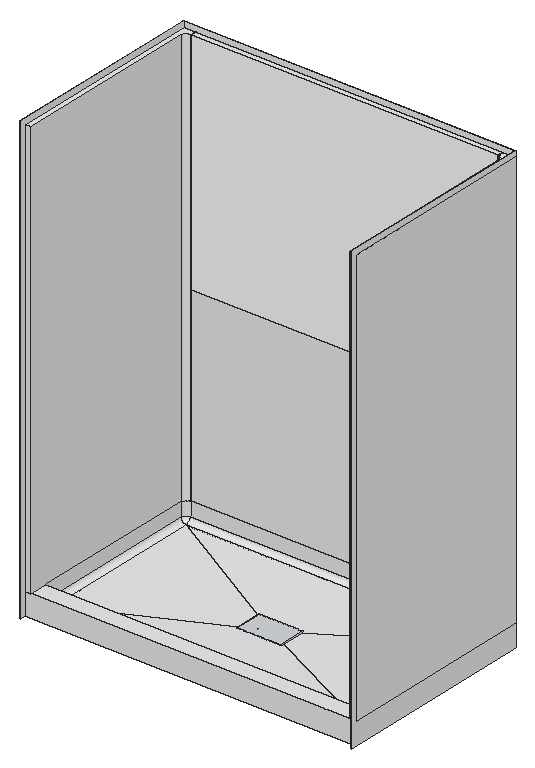
Revit family "5LRS6036FBSQ.V2", category Plumbing Fixtures, Revit 2019
Family settings
  Round Connector Dimension = Use Diameter
  Part Type = Normal
  OmniClass Number = 23.45.05.14.17
  OmniClass Title = Showers
  Work Plane-Based = No
  Always vertical = Yes
  Cut with Voids When Loaded = No
  Shared = No
  Room Calculation Point = No
Parameters (values of type "5LRS6030FBSQ.V2")
  Unit Width = 60"
  Unit Height = 80 1/2"
  Unit Depth = 37"
  URL = "http://www.bestbath.com/"
  Type Comments = "Remodeler"
  Model = "5LRS6030FBSQ.V2"
  Material [instance] = Best Bath Gelcoat Fiberglass - Smooth
  Manufacturer = "Best Bath Systems, Inc."
  Keynote = "22 40 00.B3"
  Description = "Real Tile Finish"
  Assembly Code = "D2010710"
Reference planes (in)
  plane 1 "Back": y = -0.5
  plane 2: z = 0
  plane 3 "Left": x = 0
  plane 4: x = 60
  plane 5: z = 4
  plane 6: x = 30
  plane 7: y = 35.5
  plane 8: y = 17.5
  plane 9: x = 1.25
  plane 10: x = 58.75
  plane 11: y = 34.25
  plane 12: z = 0.625
  plane 13: z = 0.25
  plane 14: y = -1.5
  plane 15: z = 5
  plane 16: z = 38.25
  plane 17: z = 80.5
Forms (in)
  Extrusion 1, solid, material "Best Bath Gelcoat Fiberglass - Smooth"
    sketch origin (0, 0, 0) x (1, 0, 0) y (0, 1, 0)
      loop
        line (0, -0.5) -> (1.25, -0.5) -> (1.25, 33.25)
        arc (1.25, 33.25) -> (1.54289, 33.95711) -> (2.25, 34.25) r 1
        line (2.25, 34.25) -> (57.75, 34.25)
        arc (57.75, 34.25) -> (58.45711, 33.95711) -> (58.75, 33.25) r 1
        line (58.75, 33.25) -> (58.75, -0.5) -> (60, -0.5) -> (60, 35.5) -> (0, 35.5) -> (0, -0.5)
    from 0 to 4
  Extrusion 2, solid, material "Best Bath Gelcoat Fiberglass - Smooth"
    sketch origin (0, 0, 0) x (1, 0, 0) y (0, 1, 0)
      loop
        line (0, -0.5) -> (60, -0.5) -> (60, 35.5) -> (0, 35.5) -> (0, -0.5)
    from 0 to 0.625
  Sweep 3, solid, material "Best Bath Gelcoat Fiberglass - Smooth"
    path origin (0, 0, 0) x (1, 0, 0) y (0, 1, 0)
      loop
        line (58.75, -0.5) -> (58.75, 33.25)
        arc (58.75, 33.25) -> (58.45711, 33.95711) -> (57.75, 34.25) r 1
        line (57.75, 34.25) -> (2.25, 34.25)
        arc (2.25, 34.25) -> (1.54289, 33.95711) -> (1.25, 33.25) r 1
        line (1.25, 33.25) -> (1.25, -0.5)
    profile origin (1.25, 16.375, 0) x (1, 0, 0) y (0, 0, 1)
      loop
        line (0, 0.625) -> (0.9, 0.625)
        arc (0.9, 0.625) -> (0.2636, 0.8886) -> (0, 1.525) r 0.9
        line (0, 1.525) -> (0, 0.625)
  Blend 4, void
    base sketch origin (0, 0, 0) x (1, 0, 0) y (0, 1, 0)
      loop
        line (2.25, 3.5147) -> (57.75, 3.5147) -> (57.75, 33.25) -> (2.25, 33.25) -> (2.25, 3.5147)
    top sketch origin (0, 0, 0) x (1, 0, 0) y (0, 1, 0)
      loop
        circle (30, 17.5) r 0.10467
    from 0.625 to 0.25
  Sweep 5, solid, material "Best Bath Gelcoat Fiberglass - Smooth"
    path origin (0, 0, 0) x (1, 0, 0) y (0, 1, 0)
      loop
        line (1.25, -0.5) -> (58.75, -0.5)
    profile origin (30, -0.5, 0) x (0, 1, 0) y (0, 0, 1)
      loop
        line (0, 4) -> (0, 0) -> (4.11592, 0) -> (3.00305, 4) -> (0, 4)
  Extrusion 6, solid, material "Best Bath Gelcoat Fiberglass - Smooth"
    sketch origin (0, 0, 0) x (1, 0, 0) y (0, 1, 0)
      loop
        line (0, -1.5) -> (0.125, -1.5) -> (0.125, 35.375) -> (59.875, 35.375) -> (59.875, -1.5) -> (60, -1.5) -> (60, 35.5) -> (0, 35.5) -> (0, -1.5)
    from 5 to 80.5
  Extrusion 7, void
    sketch origin (0, 6, 0.625) x (0, 1, 0) y (1, 0, 0)
      loop
        line (14, 26) -> (14, 34) -> (9, 34) -> (9, 26) -> (14, 26)
    from 0 to 0.5
  Extrusion 8, void
    sketch origin (0, -4, 0.625) x (0, 1, 0) y (1, 0, 0)
      loop
        circle (21.5, 30) r 1.75
    from 0 to 1.25
  Extrusion 9, solid
    sketch origin (0.25, 2, 0.125) x (0, 1, 0) y (-1, 0, 0)
      loop
        line (18, -25.75) -> (13, -25.75) -> (13, -33.75) -> (18, -33.75) -> (18, -25.75)
    from 0 to 0.25
  Extrusion 10, solid, material "Best Bath Gelcoat Fiberglass - Smooth"
    sketch origin (0, -0.86165, 0) x (1, 0, 0) y (0, 1, 0)
      loop
        line (2.25, 36.36165) -> (2.25, 35.11165) -> (57.75, 35.11165) -> (57.75, 36.36165) -> (2.25, 36.36165)
    from 4 to 38.25
  Extrusion 11, solid, material "Best Bath Gelcoat Fiberglass - Smooth"
    sketch origin (0, -0.86165, 0) x (1, 0, 0) y (0, 1, 0)
      loop
        line (2.25, 36.36165) -> (2.25, 35.11165) -> (57.75, 35.11165) -> (57.75, 36.36165) -> (2.25, 36.36165)
    from 38.25 to 79.5
  Extrusion 12, solid, material "Best Bath Gelcoat Fiberglass - Smooth"
    sketch origin (0.25, -0.86165, 0) x (1, 0, 0) y (0, 1, 0)
      loop
        line (-0.25, 0.36165) -> (1, 0.36165) -> (1, 34.11165)
        arc (1, 34.11165) -> (1.29289, 34.81875) -> (2, 35.11165) r 1
        line (2, 35.11165) -> (2, 36.36165) -> (-0.25, 36.36165) -> (-0.25, 0.36165)
      loop
        line (59.75, 0.36165) -> (59.75, 36.36165) -> (57.5, 36.36165) -> (57.5, 35.11165)
        arc (57.5, 35.11165) -> (58.20711, 34.81875) -> (58.5, 34.11165) r 1
        line (58.5, 34.11165) -> (58.5, 0.36165) -> (59.75, 0.36165)
    from 4 to 79.5
  Extrusion 13, solid, material "Best Bath Gelcoat Fiberglass - Smooth"
    sketch origin (0, 0, 0) x (1, 0, 0) y (0, 1, 0)
      loop
        line (0, 35.5) -> (0, -1.5) -> (0.125, -1.5) -> (0.125, 35.375) -> (59.875, 35.375) -> (59.875, -1.5) -> (60, -1.5) -> (60, 35.5) -> (0, 35.5)
    from 0 to 5
Cuts and joins
  Blend 4, Extrusion 7, Extrusion 8 cuts Extrusion 1
  Blend 4, Extrusion 7, Extrusion 8 cuts Extrusion 2
  Blend 4, Extrusion 7, Extrusion 8 cuts Sweep 3
  Extrusion 7, Extrusion 8 cuts Sweep 5
  Extrusion 7, Extrusion 8 cuts Extrusion 6
  joined: Extrusion 1, Extrusion 2, Sweep 3, Sweep 5, Extrusion 6, Extrusion 13
Dimensions and locks (in)
  "Unit Width": plane 3 "Left" to plane 4
  plane 3 "Left" to plane 6 to plane 4 = 30", 30"
  locked: plane 7 to plane 11 at 1.25
  locked: plane 10 to plane 4 at 1.25
  locked: plane 3 "Left" to plane 9 at 1.25
  locked: plane 7 to plane 8 at 18
  locked: plane 12 to plane 13 at 0.375
  locked: plane 12 to level at 0.625
  locked: plane 14 to plane 1 "Back" at 1
  "Unit Depth": plane 7 to plane 14
  "Unit Height": plane 17 to level
  locked: plane 16 to plane 5 at 34.25
  aligned and locked: level to plane 2
  aligned and locked: Sweep 3 to plane 12
  aligned and locked: Sweep 3 sketch curve to plane 12
  aligned and locked: Extrusion 2 to plane 12
  aligned and locked: plane 8 to Blend 4 sketch curve
  aligned and locked: plane 6 to Blend 4 sketch curve
  aligned and locked: Extrusion 2 to Blend 4
  aligned and locked: Blend 4 to plane 13
  aligned and locked: plane 5 to Extrusion 1
  aligned and locked: plane 5 to Sweep 5
  aligned and locked: Extrusion 9 to cut or joined group 1 (Extrusion 1, Extrusion 2, Sweep 3, Blend 4, Sweep 5, Extrusion 6, Extrusion 7, Extrusion 8, Extrusion 13)  (x3)
  aligned and locked: cut or joined group 1 to Extrusion 9
  aligned and locked: Extrusion 11 to Extrusion 10
  aligned and locked: Extrusion 13 to Extrusion 6
  aligned and locked: plane 17 to Extrusion 6
  aligned and locked: Extrusion 10 to Extrusion 11
  aligned and locked: Extrusion 11 to cut or joined group 1
  aligned and locked: Extrusion 11 to plane 16
Automatic sketch dimensions
  Extrusion 1 sketch curve to plane 3 "Left" = 0"
  Extrusion 1 sketch curve to plane 9 = 0"
  Extrusion 1 sketch curve to plane 11 = 0"
  plane 1 "Back" to Extrusion 1 sketch curve = 0"  (x2)
  Extrusion 1 sketch curve to plane 10 = 0"
  Extrusion 1 sketch curve to plane 4 = 0"
  Extrusion 1 sketch curve to plane 7 = 0"
  plane 9 to Extrusion 1 sketch curve = 1"
  Extrusion 1 sketch curve to plane 10 = 1"
  Extrusion 2 sketch curve to plane 3 "Left" = 0"
  Extrusion 2 sketch curve to plane 4 = 0"
  plane 1 "Back" to Extrusion 2 sketch curve = 0"
  Extrusion 2 sketch curve to plane 7 = 0"
  plane 1 "Back" to Sweep 3 sketch curve = 0"  (x2)
  Sweep 3 sketch curve to plane 9 = 0"
  Sweep 3 sketch curve to plane 11 = 0"
  Sweep 3 sketch curve to plane 10 = 0"
  plane 9 to Sweep 3 sketch curve = 1"
  Sweep 3 sketch curve to Sweep 3 sketch curve = 1"
  profile plane to Sweep 3 sketch curve = 0"
  Sweep 3 sketch curve to profile plane = 0.9"
  plane 9 to Blend 4 sketch curve = 1"
  Blend 4 sketch curve to plane 10 = 1"
  Blend 4 sketch curve to plane 1 "Back" = 4.0147"
  Blend 4 sketch curve to plane 11 = 1"
  plane 1 "Back" to Sweep 5 sketch curve = 0"
  Sweep 5 sketch curve to plane 9 = 0"
  Sweep 5 sketch curve to plane 10 = 0"
  Sweep 5 sketch curve to level = 0"
  Sweep 5 sketch curve to profile plane = 0"
  Sweep 5 sketch curve to Sweep 5 sketch curve = 3.00305"
  Sweep 5 sketch curve to Sweep 5 sketch curve = 4.11592"
  level to Sweep 5 sketch curve = 4"
  Extrusion 6 sketch curve to plane 3 "Left" = 0"
  Extrusion 6 sketch curve to plane 14 = 0"  (x2)
  Extrusion 6 sketch curve to plane 4 = 0"
  Extrusion 6 sketch curve to plane 7 = 0"
  plane 3 "Left" to Extrusion 6 sketch curve = 1/8"
  plane 4 to Extrusion 6 sketch curve = 1/8"
  Extrusion 6 sketch curve to plane 7 = 1/8"
  Extrusion 7 sketch curve to Extrusion 2 = 15 1/2"
  Extrusion 7 sketch curve to Extrusion 7 sketch curve = 5"
  Extrusion 7 sketch curve to Extrusion 2 = 26"
  Extrusion 7 sketch curve to Extrusion 7 sketch curve = 8"
  Extrusion 8 sketch curve to Extrusion 2 = 18"
  Extrusion 8 sketch curve to Extrusion 2 = 30"
  Extrusion 9 sketch curve to Extrusion 7 = 0"  (x4)
  Extrusion 10 sketch curve to plane 11 = 0"
  Extrusion 10 sketch curve to plane 7 = 0"
  plane 9 to Extrusion 10 sketch curve = 1"
  Extrusion 10 sketch curve to plane 10 = 1"
  Extrusion 11 sketch curve to plane 11 = 0"
  Extrusion 11 sketch curve to plane 7 = 0"
  plane 9 to Extrusion 11 sketch curve = 1"
  Extrusion 11 sketch curve to plane 10 = 1"
  Extrusion 12 sketch curve to plane 3 "Left" = 0"
  plane 1 "Back" to Extrusion 12 sketch curve = 0"  (x2)
  Extrusion 12 sketch curve to plane 9 = 0"
  Extrusion 12 sketch curve to plane 11 = 0"  (x2)
  Extrusion 12 sketch curve to plane 7 = 0"  (x2)
  Extrusion 12 sketch curve to plane 10 = 0"
  Extrusion 12 sketch curve to plane 4 = 0"
  Extrusion 12 sketch curve to Extrusion 12 sketch curve = 1"
  Extrusion 12 sketch curve to plane 10 = 1"
  Extrusion 13 sketch curve to plane 3 "Left" = 0"
  Extrusion 13 sketch curve to plane 14 = 0"  (x2)
  Extrusion 13 sketch curve to plane 4 = 0"
  Extrusion 13 sketch curve to plane 7 = 0"
  plane 3 "Left" to Extrusion 13 sketch curve = 1/8"
  plane 4 to Extrusion 13 sketch curve = 1/8"
  Extrusion 13 sketch curve to plane 7 = 1/8"
  radius of Blend 4 sketch curve = 0.10467"
  radius of Extrusion 8 sketch curve = 1 3/4"
